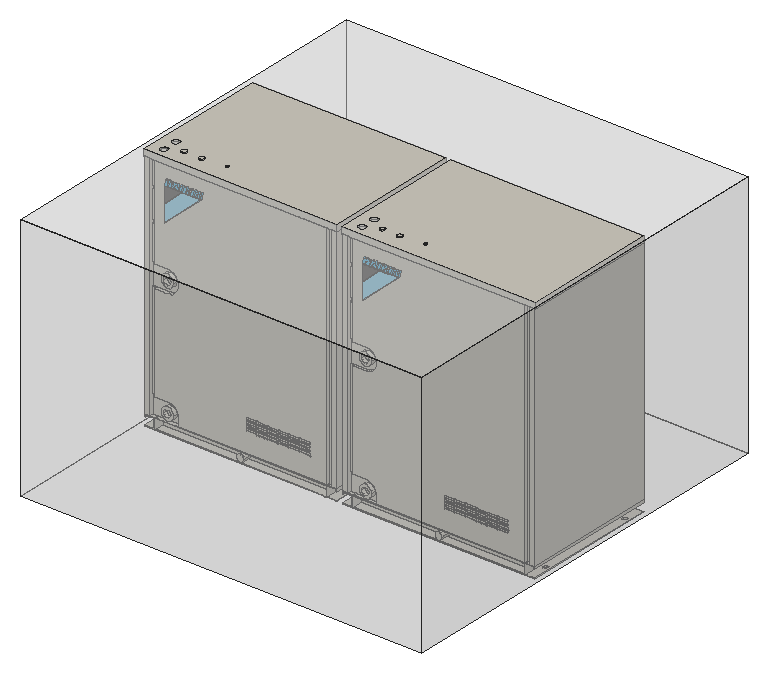
Revit family "outputfile", category 機械設備, Revit 2024
Family settings
  丸型コネクタ寸法 = 半径を使用
  種別 = なし
  パーツ タイプ = 標準
  OmniClass 番号 = 23.75.10.24.21.27.27
  OmniClass タイトル = Split System Air Conditioning Units
  作業面ベース = いいえ
  常に垂直 = はい
  ロード時にボイドで切り取り = いいえ
  注釈の向きを維持 = いいえ
  共有 = いいえ
  部屋計算ポイント = いいえ
Parameters (values of type "RWEYQ14TY1S")
  製造元 = "Daikin"
  書き出し IFC クラス(タイプ) = "IfcUnitaryEquipmentType"
  定義済み IFC タイプ(タイプ) = "AIRCONDITIONINGUNIT"
  モデル = "RWEYQ14TY1S"
  w_unit2 = 780.0 mm
  w_unit1 = 780.0 mm
  switch_unit2_6-8 [instance] = if(Reverse_ModuleSequence, if(default_unit1 = 1, 1 = 1, 1 = 0), if(default_unit2 = 1, 1 = 1, 1 = 0))  # yes
  switch_unit2_12 [instance] = if(Reverse_ModuleSequence, if(default_unit1 = 3, 1 = 1, 1 = 0), if(default_unit2 = 3, 1 = 1, 1 = 0))  # no
  switch_unit2_10 [instance] = if(Reverse_ModuleSequence, if(default_unit1 = 2, 1 = 1, 1 = 0), if(default_unit2 = 2, 1 = 1, 1 = 0))  # no
  switch_unit1_6-8 [instance] = if(Reverse_ModuleSequence, if(default_unit2 = 1, 1 = 1, 1 = 0), if(default_unit1 = 1, 1 = 1, 1 = 0))  # yes
  switch_unit1_12 [instance] = if(Reverse_ModuleSequence, if(default_unit2 = 3, 1 = 1, 1 = 0), if(default_unit1 = 3, 1 = 1, 1 = 0))  # no
  switch_unit1_10 [instance] = if(Reverse_ModuleSequence, if(default_unit2 = 2, 1 = 1, 1 = 0), if(default_unit1 = 2, 1 = 1, 1 = 0))  # no
  rangle_Drain [instance] = if(Rear Connection_Drain, 180.00°, 0.00°)  # 0.00°
  r_Water Outlet Pipe Connection_unit2 [instance] = Water Outlet Pipe Connection_Unit2 / 2  # 15.9 mm
  r_Water Outlet Pipe Connection_unit1 [instance] = Water Outlet Pipe Connection_Unit1 / 2  # 15.9 mm
  r_Water Inlet Pipe Connection_unit2 [instance] = Water Inlet Pipe Connection_Unit2 / 2  # 15.9 mm
  r_Water Inlet Pipe Connection_unit1 [instance] = Water Inlet Pipe Connection_Unit1 / 2  # 15.9 mm
  r_Liquid Pipe Size_unit2 [instance] = Liquid Pipe Size_Unit 2 / 2  # 4.75 mm
  r_HP/LP Gas Pipe Size_unit2 [instance] = [HP/LP Gas Pipe Size_Unit 2] / 2  # 9.55 mm
  r_HP/LP Gas Pipe Size_unit1 [instance] = [HP/LP Gas Pipe Size_Unit 1] / 2  # 9.55 mm
  r_Gas Pipe Size_unit2 [instance] = Gas Pipe Size_Unit 2 / 2  # 9.55 mm
  r_Drain Pipe Size = Drain Pipe Size / 2  # 6.35 mm
  lw_powersupply2 = 51.0 mm
  lw_liquidpipe2 = 274.0 mm
  lw_gaspipe2 [instance] = if(Heat Pump, 107.0 mm, 178.0 mm)  # 107.0 mm
  lw_Water Outlet2 = 95.0 mm
  lw_Water Outlet1 = 95.0 mm
  lw_Water Inlet2 = 95.0 mm
  lw_Water Inlet1 = 95.0 mm
  lw_HP/LP Gas Pipe2 [instance] = if(Heat Pump, 178.0 mm, 107.0 mm)  # 178.0 mm
  lw_HP/LP Gas Pipe1 [instance] = if(Heat Pump, 178.0 mm, 107.0 mm)  # 178.0 mm
  lw_Drain2 = 390.0 mm
  lw_Drain1 = 390.0 mm
  ld_HP/LP Gas Pipe = 69.0 mm
  h_mountinghole = [h_***] + 2.3 mm  # 2.3 mm
  r_Liquid Pipe Size_unit1 [instance] = Liquid Pipe Size_Unit 1 / 2  # 4.75 mm
  r_Gas Pipe Size_unit1 [instance] = Gas Pipe Size_Unit 1 / 2  # 9.55 mm
  distance_unit1-2 [instance] = 20.0 mm
  default_unit2 = 1
  default_unit1 = 1
  default_Water Outlet Pipe Connection_Unit 3 = 31.8 mm
  default_Water Outlet Pipe Connection_Unit 2 = 31.8 mm
  default_Water Outlet Pipe Connection_Unit 1 = 31.8 mm
  default_Water Inlet Pipe Connection_Unit 3 = 31.8 mm
  default_Water Inlet Pipe Connection_Unit 2 = 31.8 mm
  default_Water Inlet Pipe Connection_Unit 1 = 31.8 mm
  default_Model_Unit 2 = "RWEYQ6TY1S"
  default_Model_Unit 1 = "RWEYQ8TY1S"
  default_Liquid Pipe Size_Unit 2 = 9.5 mm
  default_Liquid Pipe Size_Unit 1 = 9.5 mm
  default_HP/LP Gas Pipe Size_Unit 2 [instance] = if(and(Heat Pump, [switch_unit2_6-8]), 19.1 mm, if(and(Heat Pump, switch_unit2_10), 22.2 mm, if(and(Heat Pump, switch_unit2_12), 22.2 mm, if(and(Heat Recovery, [switch_unit2_6-8]), 15.9 mm, if(and(Heat Recovery, switch_unit2_10), 19.1 mm, if(and(Heat Recovery, switch_unit2_12), 19.1 mm, 19.1 mm))))))  # 19.1 mm
  default_HP/LP Gas Pipe Size_Unit 1 [instance] = if(and(Heat Pump, [switch_unit1_6-8]), 19.1 mm, if(and(Heat Pump, switch_unit1_10), 22.2 mm, if(and(Heat Pump, switch_unit1_12), 22.2 mm, if(and(Heat Recovery, [switch_unit1_6-8]), 15.9 mm, if(and(Heat Recovery, switch_unit1_10), 19.1 mm, if(and(Heat Recovery, switch_unit1_12), 19.1 mm, 19.1 mm))))))  # 19.1 mm
  default_Gas Pipe Size_Unit 2 = 19.1 mm
  default_Gas Pipe Size_Unit 1 = 19.1 mm
  Water Outlet Pipe Connection_Unit2 [instance] = if(Reverse_ModuleSequence, default_Water Inlet Pipe Connection_Unit 1, default_Water Inlet Pipe Connection_Unit 2)  # 31.8 mm
  Water Outlet Pipe Connection_Unit1 [instance] = if(Reverse_ModuleSequence, default_Water Outlet Pipe Connection_Unit 2, default_Water Outlet Pipe Connection_Unit 1)  # 31.8 mm
  Water Inlet Pipe Connection_Unit2 [instance] = if(Reverse_ModuleSequence, default_Water Outlet Pipe Connection_Unit 1, default_Water Outlet Pipe Connection_Unit 2)  # 31.8 mm
  Water Inlet Pipe Connection_Unit1 [instance] = if(Reverse_ModuleSequence, default_Water Inlet Pipe Connection_Unit 2, default_Water Inlet Pipe Connection_Unit 1)  # 31.8 mm
  Voltage_comment_50Hz = "380-415"
  Voltage_50Hz = 400 V
  Top Connection_powersupply2 [instance] = not(Top Connection_powersupply1)  # no
  Sound Power Level (dB) = 71
  Reverse_ModuleSequence [instance] = no
  Rear Connection_Drain [instance] = not(Front Connection_Drain)  # no
  Power Input (Heating) = 6.670 kW
  Phase_50Hz = 3
  Nominal Heating Capacity = 43.000 kW
  Model_Unit 2 [instance] = if(Reverse_ModuleSequence, default_Model_Unit 1, default_Model_Unit 2)  # "RWEYQ6TY1S"
  Model_Unit 1 [instance] = if(Reverse_ModuleSequence, default_Model_Unit 2, default_Model_Unit 1)  # "RWEYQ8TY1S"
  Minimum Circuit Amps_50Hz = 27.3 A
  Maximum Fuse Amps_50Hz = 35.0 A
  Material_Heat Exchanger = DAIKIN_Blue_HE_outdoorunit
  Material_Casing = DAIKIN_IvoryWhite_Casing_outdoorunit
  lw_powersupply1 = 51.0 mm
  lw_liquidpipe1 = 274.0 mm
  lw_gaspipe1 [instance] = if(Heat Pump, 107.0 mm, 178.0 mm)  # 107.0 mm
  lh_powersupply = 940.0 mm
  ld_powersupply [instance] = if(Top Connection_powersupply1, 38.0 mm, 98.0 mm)  # 38.0 mm
  ld_liquidpipe = 79.0 mm
  ld_gaspipe = 69.0 mm
  h_*** = 0.0 mm
  Width [instance] = [distance_unit1-2] + w_unit1 + w_unit2  # 1580.0 mm
  Version = "ver.1.0"
  Unit Type = ""
  Unit Mass Weight = 292.00 kg
  Unit Designation [instance] = ""
  Uniclass2015Version = "Products v1.30"
  Uniclass2015Title = "Variable refrigerant flow units"
  Uniclass2015Code = "Pr_70_65_03_94"
  Total Cooling Capacity [instance] = 0.000 kW
  Sound Pressure Level (dBA) = 53
  Series = "VRV Heat Recovery"
  Refrigerant_Base Charge = 7.000 kg
  Refrigerant_Additional Charge [instance] = 0.000 kg
  Refrigerant Type = "R410A"
  Power Input (Cooling) = 6.440 kW
  Option Accessory 3 [instance] = ""
  Option Accessory 2 [instance] = ""
  Option Accessory 1 [instance] = ""
  Nominal Cooling Capacity = 38.400 kW
  Load Classification = HVAC
  Liquid Pipe Size_Unit 2 [instance] = if(Reverse_ModuleSequence, default_Liquid Pipe Size_Unit 1, default_Liquid Pipe Size_Unit 2)  # 9.5 mm
  Liquid Pipe Size_Unit 1 [instance] = if(Reverse_ModuleSequence, default_Liquid Pipe Size_Unit 2, default_Liquid Pipe Size_Unit 1)  # 9.5 mm
  Link_Nested Family [instance] = ""
  IfcVersion = ""
  IfcExportType = "AIRCONDITIONINGUNIT"
  IfcExportAs = "IfcUnitaryEquipmentType"
  Height = 1000.0 mm
  Heat Recovery [instance] = not(Heat Pump)  # no
  Heat Pump [instance] = yes
  Heat Exchanger Type = "Stainless Steel Plate"
  HP/LP Gas Pipe Size_Unit 2 [instance] = [default_HP/LP Gas Pipe Size_Unit 2]  # 19.1 mm
  HP/LP Gas Pipe Size_Unit 1 [instance] = [default_HP/LP Gas Pipe Size_Unit 1]  # 19.1 mm
  Gas Pipe Size_Unit 2 [instance] = if(Reverse_ModuleSequence, default_Gas Pipe Size_Unit 1, default_Gas Pipe Size_Unit 2)  # 19.1 mm
  Gas Pipe Size_Unit 1 [instance] = if(Reverse_ModuleSequence, default_Gas Pipe Size_Unit 2, default_Gas Pipe Size_Unit 1)  # 19.1 mm
  Top Connection_powersupply1 [instance] = yes
  Front Connection_Drain [instance] = yes
  Frequency_50Hz = 50 Hz
  Drain Pipe Size = 12.7 mm
  Depth = 550.0 mm
  既定の高さ = 0.0 mm
  Cooling Ambient Wet Bulb Temperature [instance] = 0.00 °C
  Cooling Ambient Dry Bulb Temperature [instance] = 0.00 °C
  Compressor Type = "Hermetically Sealed Scroll Type"
  Clearance visibility [instance] = yes
  Clearance Top = 0.0 mm
  Clearance Right = 20.0 mm
  Clearance Rear = 500.0 mm
  Clearance Left = 20.0 mm
  Clearance Front = 600.0 mm
  Clearance Bottom = 0.0 mm
  CU Tag No. [instance] = ""
Reference planes
  plane 1 "Center (Front/Back)": y = 0
  plane 2 "h_***": z = 0
  plane 3 "Center (Left/Right)": x = 0
  plane 4 "Back": y = 275
  plane 5 "Front": y = -275
  plane 6 "Left": x = -390
  plane 7 "w_unit1": x = 390
  plane 8 "Top": z = 1000
  plane 9 "Clearance Rear": y = 775
  plane 10 "Clearance Front": y = -875
  plane 11 "Clearance Left": x = -410
  plane 12 "Clearance Right": x = 1210
  plane 13 "Clearance Top": z = 1000
  plane 14 "Clearance Bottom": z = 0
  plane 15 "Bottom": z = 0
  plane 16 "lw_powersupply1": x = -339
  plane 17 "ld_powersupply": y = -237
  plane 18 "lw_liquidpipe1": x = -116
  plane 19 "Rear Connection_refrigetant": y = -196
  plane 20 "lw_gaspipe1": x = -283
  plane 21 "ld_gaspipe": y = -206
  plane 22 "lh_logo": z = 900
  plane 23 "lw_logo": x = 100
  plane 24 "lh_powersupply": z = 940
  plane 25 "lw_HP/LP Gas Pipe1": x = -212
  plane 26 "ld_HP/LP Gas Pipe": y = -206
  plane 27 "l_unit2": x = 410
  plane 28 "Right": x = 1190
  plane 29 "lw_powersupply2": x = 461
  plane 30 "lw_liquidpipe2": x = 684
  plane 31 "lw_gaspipe2": x = 517
  plane 32 "lw_HP/LP Gas Pipe2": x = 588
  plane 33 "lw_Water Inlet1": x = -295
  plane 34 "lw_Water Inlet2": x = 505
  plane 35 "lw_Water Outlet1": x = -295
  plane 36 "lw_Water Outlet2": x = 505
  plane 37 "lw_Drain1": x = 0
  plane 38 "lw_Drain2": x = 800
Dimensions and locks
  equal spacing: plane 4 "Back", plane 1 "Center (Front/Back)", plane 5 "Front"
  "Depth": plane 4 "Back" to plane 5 "Front"
  equal spacing: plane 6 "Left", plane 3 "Center (Left/Right)", plane 7 "w_unit1"
  "w_unit1": plane 6 "Left" to plane 7 "w_unit1"
  "Clearance Rear": plane 9 "Clearance Rear" to plane 4 "Back"
  "Clearance Front": plane 10 "Clearance Front" to plane 5 "Front"
  "Clearance Left": plane 11 "Clearance Left" to plane 6 "Left"
  "Clearance Top": plane 13 "Clearance Top" to plane 8 "Top"
  "h_***": plane 15 "Bottom" to plane 2 "h_***"
  "Height": plane 8 "Top" to plane 15 "Bottom"
  "Clearance Bottom": plane 15 "Bottom" to plane 14 "Clearance Bottom"
  "ld_powersupply": plane 17 "ld_powersupply" to plane 5 "Front"
  "ld_liquidpipe": plane 19 "Rear Connection_refrigetant" to plane 5 "Front"
  "ld_gaspipe": plane 21 "ld_gaspipe" to plane 5 "Front"
  locked: plane 23 "lw_logo" to plane 7 "w_unit1" at 290
  locked: plane 22 "lh_logo" to plane 15 "Bottom" at 900
  "lw_gaspipe1": plane 6 "Left" to plane 20 "lw_gaspipe1"
  "lw_liquidpipe1": plane 6 "Left" to plane 18 "lw_liquidpipe1"
  "lw_powersupply1": plane 6 "Left" to plane 16 "lw_powersupply1"
  "lh_powersupply": plane 24 "lh_powersupply" to plane 15 "Bottom"
  "lw_HP/LP Gas Pipe1": plane 6 "Left" to plane 25 "lw_HP/LP Gas Pipe1"
  "ld_HP/LP Gas Pipe": plane 26 "ld_HP/LP Gas Pipe" to plane 5 "Front"
  "distance_unit1-2": plane 7 "w_unit1" to plane 27 "l_unit2"
  "Clearance Right": plane 28 "Right" to plane 12 "Clearance Right"
  "Width": plane 6 "Left" to plane 28 "Right"
  "lw_powersupply2": plane 27 "l_unit2" to plane 29 "lw_powersupply2"
  "lw_HP/LP Gas Pipe2": plane 27 "l_unit2" to plane 32 "lw_HP/LP Gas Pipe2"
  "lw_gaspipe2": plane 27 "l_unit2" to plane 31 "lw_gaspipe2"
  "lw_liquidpipe2": plane 27 "l_unit2" to plane 30 "lw_liquidpipe2"
  "lw_Water Inlet1": plane 6 "Left" to plane 33 "lw_Water Inlet1"
  "lw_Water Inlet2": plane 27 "l_unit2" to plane 34 "lw_Water Inlet2"
  "lw_Water Outlet1": plane 6 "Left" to plane 35 "lw_Water Outlet1"
  "lw_Water Outlet2": plane 27 "l_unit2" to plane 36 "lw_Water Outlet2"
  "lw_Drain1": plane 6 "Left" to plane 37 "lw_Drain1"
  "lw_Drain2": plane 27 "l_unit2" to plane 38 "lw_Drain2"
  aligned and locked: level to plane 2 "h_***"
  aligned and locked: plane 9 "Clearance Rear" to nested 2
  aligned and locked: nested 2 to plane 10 "Clearance Front"
  aligned and locked: plane 11 "Clearance Left" to nested 2
  aligned and locked: plane 12 "Clearance Right" to nested 2
  aligned and locked: plane 13 "Clearance Top" to nested 2
  aligned and locked: plane 14 "Clearance Bottom" to nested 2
  aligned and locked: plane 8 "Top" to nested 1
  aligned and locked: plane 22 "lh_logo" to nested 7
  aligned and locked: nested 8 to plane 16 "lw_powersupply1"
  aligned and locked: nested 9 to plane 20 "lw_gaspipe1"
  aligned and locked: nested 10 to plane 18 "lw_liquidpipe1"
  aligned and locked: nested 10 to plane 19 "Rear Connection_refrigetant"
  aligned and locked: nested 9 to plane 21 "ld_gaspipe"
  aligned and locked: nested 8 to plane 17 "ld_powersupply"
  aligned and locked: plane 5 "Front" to nested 7
  aligned and locked: plane 24 "lh_powersupply" to nested 8
  aligned and locked: plane 27 "l_unit2" to nested 11
  aligned and locked: nested 17 to plane 29 "lw_powersupply2"
  aligned and locked: nested 17 to plane 17 "ld_powersupply"
  aligned and locked: nested 18 to plane 31 "lw_gaspipe2"
  aligned and locked: nested 18 to plane 26 "ld_HP/LP Gas Pipe"
  aligned and locked: plane 33 "lw_Water Inlet1" to nested 20
  aligned and locked: plane 34 "lw_Water Inlet2" to nested 21
  aligned and locked: plane 35 "lw_Water Outlet1" to nested 22
  aligned and locked: plane 36 "lw_Water Outlet2" to nested 23
  aligned and locked: plane 37 "lw_Drain1" to nested 24
  aligned and locked: plane 38 "lw_Drain2" to nested 25
  aligned and locked: plane 1 "Center (Front/Back)" to nested 20
  aligned and locked: plane 1 "Center (Front/Back)" to nested 21
  aligned and locked: plane 1 "Center (Front/Back)" to nested 22
  aligned and locked: plane 1 "Center (Front/Back)" to nested 23
  aligned and locked: plane 1 "Center (Front/Back)" to nested 24
  aligned and locked: plane 1 "Center (Front/Back)" to nested 25
  aligned and locked: nested 26 to plane 26 "ld_HP/LP Gas Pipe"
  aligned and locked: nested 27 to plane 26 "ld_HP/LP Gas Pipe"
  aligned and locked: plane 32 "lw_HP/LP Gas Pipe2" to nested 27
  aligned and locked: plane 25 "lw_HP/LP Gas Pipe1" to nested 26
Nested families
  nested 1: "DAIKIN_outdoorunit_RWEYQ-TY1S" at (-31, 0, 0), h_*** <- "h_***", Link_Nest <- "Link_Nested Family", h_mountinghole <- "h_mountinghole", Width <- "w_unit1", switch_unit1_6-8 <- "switch_unit1_6-8", switch_unit1_10 <- "switch_unit1_10", switch_unit1_12 <- "switch_unit1_12", type "RWEYQ-TY1S"
    with switch_unit1_6-8 yes, switch_unit1_12 no, switch_unit1_10 no, show_fixedhole yes, h_mountinghole 2.3 mm, h_antenna_mountinghole 998.7 mm, h_*** 0.0 mm, array_bolt 5, Width 780.0 mm, Liquid Pipe Size_Unit 1 9.5 mm, Link_Nest "", HP/LP Pipe Size_Unit 1 19.1 mm, Gas Pipe Size_Unit 1 19.1 mm
  nested 2: "daikin_clearancespace" at (400, -50, 500.119), visible <- "Clearance visibility", show <- "Clearance visibility", Link_Nested Family <- "Link_Nested Family", type "daikin_clearancespace"
    with width 1620.0 mm, show yes, height 1000.0 mm, depth 1650.0 mm, Link_Nested Family ""
  nested 3: "daikin_mountinghole" at (-372, 200, 0), type "daikin_mountinghole"
    with show yes, l_antenna 998.7 mm, h_mountinghole 2.3 mm, Link_Nested Family ""
  nested 4: "daikin_mountinghole" at (372, 200, 0), type "daikin_mountinghole"
    with show yes, l_antenna 998.7 mm, h_mountinghole 2.3 mm, Link_Nested Family ""
  nested 5: "daikin_mountinghole" at (-372, -200, 0), type "daikin_mountinghole"
    with show yes, l_antenna 998.7 mm, h_mountinghole 2.3 mm, Link_Nested Family ""
  nested 6: "daikin_mountinghole" at (372, -200, 0), type "daikin_mountinghole"
    with show yes, l_antenna 998.7 mm, h_mountinghole 2.3 mm, Link_Nested Family ""
  nested 7: "daikin_logo_elevation_w150" at (-212.5, -275, 744.568), type "daikin_logo_elevation_w150"
    with show_logo yes
  nested 8: "daikin_connector_rotate3" at (-339, -237, 940) x (-1, 0, 0) z (0, 0, -1), type "daikin_connector_rotate3"
    with show no, radius 10.0 mm, length 60.0 mm, angle_vertical 0.00°, angle_horizontal 0.00°
  nested 9: "daikin_connector_rotate3" at (-283, -206, 940) x (-1, 0, 0) z (0, 0, -1), radius <- "r_Gas Pipe Size_unit1", type "daikin_connector_rotate3"
    with show no, radius 9.55 mm, length 60.0 mm, angle_vertical 0.00°, angle_horizontal 0.00°
  nested 10: "daikin_connector_rotate3" at (-116, -196, 940) x (-1, 0, 0) z (0, 0, -1), radius <- "r_Liquid Pipe Size_unit1", type "daikin_connector_rotate3"
    with show no, radius 4.75 mm, length 60.0 mm, angle_vertical 0.00°, angle_horizontal 0.00°
  nested 11: "DAIKIN_outdoorunit_RWEYQ-TY1S" at (769, 0, 0), Width <- "w_unit2", switch_unit1_6-8 <- "switch_unit2_6-8", switch_unit1_10 <- "switch_unit2_10", switch_unit1_12 <- "switch_unit2_12", type "RWEYQ-TY1S"
    with switch_unit1_6-8 yes, switch_unit1_12 no, switch_unit1_10 no, show_fixedhole yes, h_mountinghole 2.3 mm, h_antenna_mountinghole 998.7 mm, h_*** 0.0 mm, array_bolt 5, Width 780.0 mm, Liquid Pipe Size_Unit 1 9.5 mm, Link_Nest "", HP/LP Pipe Size_Unit 1 19.1 mm, Gas Pipe Size_Unit 1 19.1 mm
  nested 12: "daikin_mountinghole" at (428, 200, 0), type "daikin_mountinghole"
    with show yes, l_antenna 998.7 mm, h_mountinghole 2.3 mm, Link_Nested Family ""
  nested 13: "daikin_mountinghole" at (1172, 200, 0), type "daikin_mountinghole"
    with show yes, l_antenna 998.7 mm, h_mountinghole 2.3 mm, Link_Nested Family ""
  nested 14: "daikin_mountinghole" at (428, -200, 0), type "daikin_mountinghole"
    with show yes, l_antenna 998.7 mm, h_mountinghole 2.3 mm, Link_Nested Family ""
  nested 15: "daikin_mountinghole" at (1172, -200, 0), type "daikin_mountinghole"
    with show yes, l_antenna 998.7 mm, h_mountinghole 2.3 mm, Link_Nested Family ""
  nested 16: "daikin_connector_rotate3" at (684, -196, 940) x (-1, 0, 0) z (0, 0, -1), radius <- "r_Liquid Pipe Size_unit2", type "daikin_connector_rotate3"
    with show no, radius 4.75 mm, length 60.0 mm, angle_vertical 0.00°, angle_horizontal 0.00°
  nested 17: "daikin_connector_rotate3" at (461, -237, 940) x (-1, 0, 0) z (0, 0, -1), type "daikin_connector_rotate3"
    with show no, radius 10.0 mm, length 60.0 mm, angle_vertical 0.00°, angle_horizontal 0.00°
  nested 18: "daikin_connector_rotate3" at (517, -206, 940) x (-1, 0, 0) z (0, 0, -1), radius <- "r_Gas Pipe Size_unit2", type "daikin_connector_rotate3"
    with show no, radius 9.55 mm, length 60.0 mm, angle_vertical 0.00°, angle_horizontal 0.00°
  nested 19: "daikin_logo_elevation_w150" at (587.5, -275, 744.568), type "daikin_logo_elevation_w150"
    with show_logo yes
  nested 20: "daikin_connector_rotate3" at (-295, 0, 76), radius <- "r_Water Inlet Pipe Connection_unit1", type "daikin_connector_rotate3"
    with show no, radius 15.9 mm, length 275.0 mm, angle_vertical 90.00°, angle_horizontal 0.00°
  nested 21: "daikin_connector_rotate3" at (505, 0, 76), radius <- "r_Water Inlet Pipe Connection_unit2", type "daikin_connector_rotate3"
    with show no, radius 15.9 mm, length 275.0 mm, angle_vertical 90.00°, angle_horizontal 0.00°
  nested 22: "daikin_connector_rotate3" at (-295, 0, 556), radius <- "r_Water Outlet Pipe Connection_unit1", type "daikin_connector_rotate3"
    with show no, radius 15.9 mm, length 275.0 mm, angle_vertical 90.00°, angle_horizontal 0.00°
  nested 23: "daikin_connector_rotate3" at (505, 0, 556), radius <- "r_Water Outlet Pipe Connection_unit2", type "daikin_connector_rotate3"
    with show no, radius 15.9 mm, length 275.0 mm, angle_vertical 90.00°, angle_horizontal 0.00°
  nested 24: "daikin_connector_rotate3" at (0, 0, 19), angle_horizontal <- "rangle_Drain", radius <- "r_Drain Pipe Size", type "daikin_connector_rotate3"
    with show no, radius 6.35 mm, length 275.0 mm, angle_vertical 90.00°, angle_horizontal 0.00°
  nested 25: "daikin_connector_rotate3" at (800, 0, 19), angle_horizontal <- "rangle_Drain", radius <- "r_Drain Pipe Size", type "daikin_connector_rotate3"
    with show no, radius 6.35 mm, length 275.0 mm, angle_vertical 90.00°, angle_horizontal 0.00°
  nested 26: "daikin_connector_rotate3" at (-212, -206, 940) x (1, 0, 0) z (0, 0, -1), radius <- "r_HP/LP Gas Pipe Size_unit1", type "daikin_connector_rotate3"
    with show no, radius 9.55 mm, length 60.0 mm, angle_vertical 0.00°, angle_horizontal 0.00°
  nested 27: "daikin_connector_rotate3" at (588, -206, 940) x (1, 0, 0) z (0, 0, -1), radius <- "r_HP/LP Gas Pipe Size_unit2", type "daikin_connector_rotate3"
    with show no, radius 9.55 mm, length 60.0 mm, angle_vertical 0.00°, angle_horizontal 0.00°
Connectors
  piping at (-116, -196, 1000), diameter 9.5, driven by "r_Liquid Pipe Size_unit1"
    settings: on nested 10, index 12, connector inside diameter 609.6 mm, connector length 0.0 mm, flow factor 0, pipe flow 0.00 m³/h, pressure drop 0.0 Pa, fitting loss kfactor 0, connector angle 0.00°, fixture units 0, engagement length 0.0 mm, angle of deflection 0.00°, flow configuration 0, flow direction 2, fitting loss method 0, system type 29, joint type 0, gender type 0, connector reference index -1, connector utility 0, adjustable connector no, is connector primary no, connector description "Refrigerant Liquid Piping1"
  electrical at (-339, -237, 1000), driven by "Load Classification"
    settings: on nested 8, index 13, voltage 0 V, apparent load 0 VA, apparent load phase1 0 VA, apparent load phase2 0 VA, apparent load phase3 0 VA, power factor 1, load classification "HVAC", number of poles 1, system type 30, power factor state 1, is connector primary yes, connector utility no, sub classification motor no, connector description "Power Supply1"
  piping at (684, -196, 1000), diameter 9.5, driven by "r_Liquid Pipe Size_unit2"
    settings: on nested 16, index 15, connector inside diameter 609.6 mm, connector length 0.0 mm, flow factor 0, pipe flow 0.00 m³/h, pressure drop 0.0 Pa, fitting loss kfactor 0, connector angle 0.00°, fixture units 0, engagement length 0.0 mm, angle of deflection 0.00°, flow configuration 0, flow direction 2, fitting loss method 0, system type 29, joint type 0, gender type 0, connector reference index -1, connector utility 0, adjustable connector no, is connector primary no, connector description "Refrigerant Liquid Piping2"
  electrical at (461, -237, 1000), driven by "Load Classification"
    settings: on nested 17, index 17, voltage 0 V, apparent load 0 VA, apparent load phase1 0 VA, apparent load phase2 0 VA, apparent load phase3 0 VA, power factor 1, load classification "HVAC", number of poles 1, system type 30, power factor state 1, is connector primary no, connector utility no, sub classification motor no, connector description "Power Supply2"
  piping at (-295, -275, 556), diameter 31.8, driven by "r_Water Outlet Pipe Connection_unit1"
    settings: on nested 22, index 19, connector inside diameter 609.6 mm, connector length 0.0 mm, flow factor 0, pipe flow 0.00 m³/h, pressure drop 0.0 Pa, fitting loss kfactor 0, connector angle 0.00°, fixture units 0, engagement length 0.0 mm, angle of deflection 0.00°, flow configuration 1, flow direction 2, fitting loss method 0, system type 8, joint type 0, gender type 0, connector reference index -1, connector utility 0, adjustable connector no, is connector primary no, connector description "Cooling Water Outlet Piping 1"
  piping at (-295, -275, 76), diameter 31.8, driven by "r_Water Inlet Pipe Connection_unit1"
    settings: on nested 20, index 20, connector inside diameter 609.6 mm, connector length 0.0 mm, flow factor 0, pipe flow 0.00 m³/h, pressure drop 0.0 Pa, fitting loss kfactor 0, connector angle 0.00°, fixture units 0, engagement length 0.0 mm, angle of deflection 0.00°, flow configuration 1, flow direction 1, fitting loss method 0, system type 7, joint type 0, gender type 0, connector reference index -1, connector utility 0, adjustable connector no, is connector primary no, connector description "Cooling Water Inlet  Piping 1"
  piping at (0, -275, 19), diameter 12.7, driven by "r_Drain Pipe Size"
    settings: on nested 24, index 21, connector inside diameter 609.6 mm, connector length 0.0 mm, flow factor 0, pipe flow 0.00 m³/h, pressure drop 0.0 Pa, fitting loss kfactor 0, connector angle 0.00°, fixture units 0, engagement length 0.0 mm, angle of deflection 0.00°, flow configuration 1, flow direction 2, fitting loss method 4, system type 16, joint type 0, gender type 0, connector reference index -1, connector utility 0, adjustable connector no, is connector primary no, connector description "Condensate Drain Piping 1"
  piping at (505, -275, 556), diameter 31.8, driven by "r_Water Outlet Pipe Connection_unit2"
    settings: on nested 23, index 22, connector inside diameter 609.6 mm, connector length 0.0 mm, flow factor 0, pipe flow 0.00 m³/h, pressure drop 0.0 Pa, fitting loss kfactor 0, connector angle 0.00°, fixture units 0, engagement length 0.0 mm, angle of deflection 0.00°, flow configuration 1, flow direction 2, fitting loss method 0, system type 8, joint type 0, gender type 0, connector reference index -1, connector utility 0, adjustable connector no, is connector primary no, connector description "Cooling Water Outlet Piping 2"
  piping at (505, -275, 76), diameter 31.8, driven by "r_Water Inlet Pipe Connection_unit2"
    settings: on nested 21, index 23, connector inside diameter 609.6 mm, connector length 0.0 mm, flow factor 0, pipe flow 0.00 m³/h, pressure drop 0.0 Pa, fitting loss kfactor 0, connector angle 0.00°, fixture units 0, engagement length 0.0 mm, angle of deflection 0.00°, flow configuration 1, flow direction 1, fitting loss method 0, system type 7, joint type 0, gender type 0, connector reference index -1, connector utility 0, adjustable connector no, is connector primary no, connector description "Cooling Water Inlet  Piping 2"
  piping at (800, -275, 19), diameter 12.7, driven by "r_Drain Pipe Size"
    settings: on nested 25, index 24, connector inside diameter 609.6 mm, connector length 0.0 mm, flow factor 0, pipe flow 0.00 m³/h, pressure drop 0.0 Pa, fitting loss kfactor 0, connector angle 0.00°, fixture units 0, engagement length 0.0 mm, angle of deflection 0.00°, flow configuration 1, flow direction 2, fitting loss method 4, system type 16, joint type 0, gender type 0, connector reference index -1, connector utility 0, adjustable connector no, is connector primary no, connector description "Condensate Drain Piping 2"
  piping at (-212, -206, 1000), diameter 19.1, driven by "r_HP/LP Gas Pipe Size_unit1"
    settings: on nested 26, index 27, connector inside diameter 609.6 mm, connector length 0.0 mm, flow factor 0, pipe flow 0.00 m³/h, pressure drop 0.0 Pa, fitting loss kfactor 0, connector angle 0.00°, fixture units 0, engagement length 0.0 mm, angle of deflection 0.00°, flow configuration 0, flow direction 0, fitting loss method 0, system type 29, joint type 0, gender type 0, connector reference index -1, connector utility 0, adjustable connector no, is connector primary no, connector description "Refrigerant HP/LP Gas Piping1"
  piping at (588, -206, 1000), diameter 19.1, driven by "r_HP/LP Gas Pipe Size_unit2"
    settings: on nested 27, index 28, connector inside diameter 609.6 mm, connector length 0.0 mm, flow factor 0, pipe flow 0.00 m³/h, pressure drop 0.0 Pa, fitting loss kfactor 0, connector angle 0.00°, fixture units 0, engagement length 0.0 mm, angle of deflection 0.00°, flow configuration 0, flow direction 0, fitting loss method 0, system type 29, joint type 0, gender type 0, connector reference index -1, connector utility 0, adjustable connector no, is connector primary no, connector description "Refrigerant HP/LP Gas Piping2"
  piping at (-283, -206, 1000), diameter 19.1, driven by "r_Gas Pipe Size_unit1"
    settings: on nested 9, index 29, connector inside diameter 609.6 mm, connector length 0.0 mm, flow factor 0, pipe flow 0.00 m³/h, pressure drop 0.0 Pa, fitting loss kfactor 0, connector angle 0.00°, fixture units 0, engagement length 0.0 mm, angle of deflection 0.00°, flow configuration 0, flow direction 1, fitting loss method 0, system type 29, joint type 0, gender type 0, connector reference index -1, connector utility 0, adjustable connector no, is connector primary yes, connector description "Refrigerant Gas Piping1"
  piping at (517, -206, 1000), diameter 19.1, driven by "r_Gas Pipe Size_unit2"
    settings: on nested 18, index 30, connector inside diameter 609.6 mm, connector length 0.0 mm, flow factor 0, pipe flow 0.00 m³/h, pressure drop 0.0 Pa, fitting loss kfactor 0, connector angle 0.00°, fixture units 0, engagement length 0.0 mm, angle of deflection 0.00°, flow configuration 0, flow direction 1, fitting loss method 0, system type 29, joint type 0, gender type 0, connector reference index -1, connector utility 0, adjustable connector no, is connector primary no, connector description "Refrigerant Gas Piping2"
Definition of nested family "DAIKIN_outdoorunit_RWEYQ-TY1S"
  Parameters (values of type "RWEYQ-TY1S")
    w_wiremesh_right = 668.0 mm  # constant formula
    w_wiremesh_left = 590.0 mm  # constant formula
    w_wiremesh_front = 248.0 mm  # constant formula
    switch_unit1_6-8 [instance] = no
    switch_unit1_12 [instance] = yes
    switch_unit1_10 [instance] = no
    show_fixedhole [instance] = yes
    material_heatexchanger = none
    material_casing = none
    ld_hole1_bottom = 154.0 mm  # constant formula
    h_wiremesh = 900.0 mm  # constant formula
    h_mountinghole [instance] = 2.3 mm
    h_antenna_mountinghole [instance] = Height + 1.0 mm - 2.3 mm  # 998.7 mm
    h_*** [instance] = 0.0 mm
    array_bolt [instance] = 5
    Width [instance] = 780.0 mm
    Liquid Pipe Size_Unit 1 [instance] = if([switch_unit1_6-8], 9.5 mm, if(switch_unit1_10, 9.5 mm, if(switch_unit1_12, 12.7 mm, 9.5 mm)))  # 12.7 mm
    Link_Nest [instance] = ""
    Height = 1000.0 mm
    Heat Recovery = not(Heat Pump)  # no
    Heat Pump = yes
    HP/LP Pipe Size_Unit 1_L = if(Heat Pump, 178.0 mm, 107.0 mm)  # 178.0 mm
    HP/LP Pipe Size_Unit 1 [instance] = if(Heat Recovery, if([switch_unit1_6-8], 15.9 mm, if(switch_unit1_10, 19.1 mm, if(switch_unit1_12, 19.1 mm, 15.9 mm))), if([switch_unit1_6-8], 19.1 mm, if(switch_unit1_10, 22.2 mm, if(switch_unit1_12, 22.2 mm, 19.1 mm))))  # 22.2 mm
    Gas Pipe Size_Unit 1_L = if(Heat Pump, 107.0 mm, 178.0 mm)  # 107.0 mm
    Gas Pipe Size_Unit 1_H = 60.0 mm  # constant formula
    Gas Pipe Size_Unit 1 [instance] = if([switch_unit1_6-8], 19.1 mm, if(switch_unit1_10, 22.2 mm, if(switch_unit1_12, 22.2 mm, 19.1 mm)))  # 22.2 mm
    Depth = 550.0 mm
    Default Elevation = 0.0 mm
  Reference planes
    plane 1 "Center (Front/Back)": y = 0
    plane 2 "reference_level": z = 0
    plane 3 "Center (Left/Right)": x = 31
    plane 4 "Bottom": z = 0
    plane 5: x = 421
    plane 6: x = -359
    plane 7 "Back": y = 275
    plane 8 "Front": y = -275
    plane 9: z = 1000
    plane 10: z = 976
    plane 11: y = -255
    plane 12: y = 255
    plane 13: x = -337
    plane 14: x = 399
    plane 15: x = -341
    plane 16: z = 45
    plane 17: x = 403
    plane 18: y = 200
    plane 19: y = -200
    plane 20: z = 1060
    plane 21: z = 19
    plane 22: z = 1000
    plane 23: z = 940
  Forms (mm)
    Extrusion 1, solid, material <- "material_heatexchanger"
      sketch origin (0, 0, 0) x (1, 0, 0) y (0, 1, 0)
        loop
          line (-337, 255) -> (-337, -255) -> (399, -255) -> (399, 255) -> (-337, 255)
      from 54 to 976
    Extrusion 2, void
      sketch origin (0, 350, 0) x (1, 0, 0) y (0, 1, 0)
        loop
          circle (-341, -150) r 8.5
        loop
          circle (403, -150) r 8.5
        loop
          circle (403, -550) r 8.5
        loop
          circle (-341, -550) r 8.5
      from 0 to 29.064
    Extrusion 3, solid, material <- "material_casing"
      sketch origin (620, -305, 0) x (-1, 0, 0) y (0, 0, 1)
        loop
          line (204.3, 35.061) -> (204.3, 42.7) -> (239.7, 42.7) -> (239.7, 2.3) -> (201, 2.3) -> (201, 0) -> (242, 0) -> (242, 45) -> (201, 45) -> (201, 35.061) -> (204.3, 35.061)
        loop
          line (973.7, 35.061) -> (977, 35.061) -> (977, 45) -> (936, 45) -> (936, 0) -> (977, 0) -> (977, 2.3) -> (938.3, 2.3) -> (938.3, 42.7) -> (973.7, 42.7) -> (973.7, 35.061)
      from 30 to 580
    Extrusion 4, solid, material <- "material_casing"
      sketch origin (31, 0, 0) x (0, 1, 0) y (0, 0, 1)
        loop
          line (-275, 45) -> (-275, 42.7) -> (-236.3, 42.7) -> (-236.3, 2.3) -> (-275, 2.3) -> (-275, 0) -> (-234, 0) -> (-234, 45) -> (-275, 45)
        loop
          line (275, 45) -> (234, 45) -> (234, 0) -> (275, 0) -> (275, 2.3) -> (236.3, 2.3) -> (236.3, 42.7) -> (275, 42.7) -> (275, 45)
      from -347 to 347
    Extrusion 5, solid, material <- "material_casing"
      sketch origin (0, 0, 0) x (1, 0, 0) y (0, 1, 0)
        loop
          circle (-85, -196) r 6.35
        loop
          circle (-181, -206) r 11.1
      from 940 to 1000
    Extrusion 6, solid, material <- "material_casing"
      sketch origin (-663.497, -190, 1200) x (-1, 0, 0) y (0, 0, 1)
        loop
          circle (-694.497, -1181) r 14
      from -85 to -46.3
    Extrusion 7, solid, material <- "material_casing"
      sketch origin (-663.497, 321.3, 1200) x (-1, 0, 0) y (0, 0, 1)
        loop
          circle (-694.497, -1181) r 14
      from -85 to -46.3
    Extrusion 8, solid, material <- "material_casing"
      sketch origin (0, -500, 0) x (1, 0, 0) y (0, 1, 0)
        loop
          circle (-252, 294) r 11.1
      from 940 to 1000
  Cuts and joins
    Extrusion 2 cuts Extrusion 3
  Dimensions and locks
    equal spacing: plane 6, plane 3 "Center (Left/Right)", plane 5
    "Width": plane 6 to plane 5
    locked: plane 9 to plane 10 at 24
    "Depth": plane 8 "Front" to plane 7 "Back"
    equal spacing: plane 7 "Back", plane 1 "Center (Front/Back)", plane 8 "Front"
    locked: plane 12 to plane 7 "Back" at 20
    locked: plane 11 to plane 8 "Front" at 20
    locked: plane 6 to plane 13 at 22
    locked: plane 14 to plane 5 at 22
    locked: plane 6 to plane 15 at 18
    "h_***": plane 4 "Bottom" to plane 2 "reference_level"
    locked: plane 16 to plane 4 "Bottom" at 45
    "Height": plane 9 to plane 4 "Bottom"
    locked: plane 5 to Extrusion 3 sketch curve at 2  (x2)
    locked: Extrusion 3 sketch curve to Extrusion 3 sketch curve at 41  (x2)
    locked: Extrusion 3 sketch curve to Extrusion 3 sketch curve at 3.3  (x2)
    locked: Extrusion 3 sketch curve to plane 6 at 2  (x2)
    locked: plane 8 "Front" to Extrusion 4 sketch curve at 41
    locked: Extrusion 4 sketch curve to plane 7 "Back" at 41
    locked: plane 17 to plane 5 at 18
    plane 19 to plane 8 "Front" = 75.0 mm
    locked: plane 18 to plane 7 "Back" at 75
    locked: Extrusion 5 sketch curve to plane 8 "Front" at 79
    locked: plane 6 to Extrusion 5 sketch curve at 274
    "HP/LP Pipe Size_Unit 1_L": plane 6 to Extrusion 5 sketch curve
    locked: Extrusion 5 sketch curve to plane 8 "Front" at 69
    locked: plane 20 to plane 9 at 60
    plane 21 to plane 4 "Bottom" = 19.0 mm
    locked: Extrusion 8 sketch curve to plane 8 "Front" at 69
    "Gas Pipe Size_Unit 1_L": plane 6 to Extrusion 8 sketch curve
    "Gas Pipe Size_Unit 1_H": plane 20 to plane 22
    locked: plane 22 to plane 23 at 60
    "HP/LP Pipe Size_Unit 1": diameter of Extrusion 5 sketch curve
    "Liquid Pipe Size_Unit 1": diameter of Extrusion 5 sketch curve
    "Gas Pipe Size_Unit 1": diameter of Extrusion 8 sketch curve
    aligned and locked: level to plane 2 "reference_level"
    aligned and locked: plane 12 to Extrusion 1 sketch curve
    aligned and locked: plane 11 to Extrusion 1 sketch curve
    aligned and locked: plane 13 to Extrusion 1 sketch curve
    aligned and locked: plane 14 to Extrusion 1 sketch curve
    aligned and locked: plane 10 to Extrusion 1
    aligned and locked: plane 11 to nested 1
    aligned and locked: plane 10 to nested 4
    aligned and locked: nested 5 to plane 9
    aligned and locked: plane 10 to nested 3
    aligned and locked: plane 10 to nested 2
    aligned and locked: plane 13 to nested 4
    aligned and locked: plane 14 to nested 2
    aligned and locked: plane 12 to nested 3
    aligned and locked: plane 15 to nested 7
    aligned and locked: plane 15 to nested 9
    aligned and locked: plane 8 "Front" to nested 5
    aligned and locked: plane 6 to nested 5
    aligned and locked: plane 10 to nested 1
    aligned and locked: plane 13 to nested 1
    aligned and locked: nested 2 to plane 1 "Center (Front/Back)"
    aligned and locked: nested 3 to plane 3 "Center (Left/Right)"
    aligned and locked: plane 1 "Center (Front/Back)" to nested 4
    aligned and locked: nested 6 to plane 3 "Center (Left/Right)"
    aligned and locked: plane 1 "Center (Front/Back)" to nested 6
    aligned and locked: plane 16 to Extrusion 3 sketch curve
    aligned and locked: Extrusion 3 sketch curve to plane 4 "Bottom"
    aligned and locked: Extrusion 3 sketch curve to plane 16
    aligned and locked: plane 4 "Bottom" to Extrusion 3 sketch curve
    aligned and locked: Extrusion 3 to plane 7 "Back"
    aligned and locked: Extrusion 3 to plane 8 "Front"
    aligned and locked: plane 8 "Front" to Extrusion 4 sketch curve  (x2)
    aligned and locked: plane 4 "Bottom" to Extrusion 4 sketch curve
    aligned and locked: Extrusion 4 sketch curve to plane 16
    aligned and locked: Extrusion 4 sketch curve to plane 7 "Back"  (x2)
    aligned and locked: plane 18 to Extrusion 2 sketch curve  (x2)
    aligned and locked: plane 15 to Extrusion 2 sketch curve  (x2)
    aligned and locked: plane 17 to Extrusion 2 sketch curve  (x2)
    aligned and locked: plane 17 to nested 8
    aligned and locked: plane 18 to nested 8
    aligned and locked: plane 18 to nested 7
    aligned and locked: nested 7 to plane 15
    aligned and locked: nested 9 to plane 19
    aligned and locked: nested 9 to plane 15
    aligned and locked: nested 10 to plane 19
    aligned and locked: plane 17 to nested 10
    aligned and locked: plane 19 to Extrusion 2 sketch curve  (x2)
    aligned and locked: plane 21 to Extrusion 6 sketch curve
    aligned and locked: plane 3 "Center (Left/Right)" to Extrusion 6 sketch curve
    aligned and locked: plane 22 to Extrusion 8
    aligned and locked: Extrusion 8 to plane 23
    aligned and locked: Extrusion 5 to plane 23
    aligned and locked: Extrusion 5 to plane 22
  Automatic sketch dimensions
    Extrusion 3 sketch curve to Extrusion 3 sketch curve = 2.3 mm  (x2)
    level to Extrusion 3 sketch curve = 2.3 mm  (x2)
    Extrusion 3 sketch curve to plane 16 = 9.939 mm  (x2)
    Extrusion 3 sketch curve to plane 16 = 2.3 mm  (x2)
    Extrusion 4 sketch curve to level = 0.0 mm
    Extrusion 4 sketch curve to plane 16 = 0.0 mm
    Extrusion 4 sketch curve to Extrusion 4 sketch curve = 2.3 mm  (x2)
    level to Extrusion 4 sketch curve = 2.3 mm  (x2)
    Extrusion 4 sketch curve to plane 16 = 2.3 mm  (x2)
    Extrusion 7 sketch curve to plane 3 "Center (Left/Right)" = 0.0 mm
    Extrusion 7 sketch curve to plane 21 = 0.0 mm
    radius of Extrusion 2 sketch curve = 8.5 mm  (x4)
    radius of Extrusion 6 sketch curve = 14.0 mm
    radius of Extrusion 7 sketch curve = 14.0 mm
  Nested families
    nested 1: "outdoorunit_frontpanel" at (-337, -265, 45), material <- "material_casing", type "frontpanel1"
      with material none
    nested 2: "outdoorunit_rightpanel1" at (409, -275, 45) x (0, 1, 0) z (0, 0, 1), material <- "material_casing", type "frontpanel1"
      with material none
    nested 3: "outdoorunit_backpanel" at (399, 265, 45) x (-1, 0, 0) z (0, 0, 1), material <- "material_casing", type "frontpanel1"
      with material none
    nested 4: "outdoorunit_leftpanel" at (-347, 275, 45) x (0, -1, 0) z (0, 0, 1), material <- "material_casing", type "frontpanel1"
      with material none
    nested 5: "outdoorunit_uppanel" at (-359, -275, 988) x (1, 0, 0) z (0, 1, 0), material <- "material_casing", type "frontpanel1"
      with material none
    nested 6: "outdoorunit_downpanel" at (399, 255, 56) x (-1, 0, 0) z (0, -1, 0), material <- "material_casing", type "frontpanel1"
      with material none
    nested 7: "daikin_mountinghole" at (-341, 200, 0), visible <- "show_fixedhole", Link_Nested Family <- "Link_Nest", l_antenna <- "h_antenna_mountinghole", h_mountinghole <- "h_mountinghole", type "daikin_mountinghole"
      with show yes, l_antenna 998.7 mm, h_mountinghole 2.3 mm, Link_Nested Family ""
    nested 8: "daikin_mountinghole" at (403, 200, 0), visible <- "show_fixedhole", Link_Nested Family <- "Link_Nest", l_antenna <- "h_antenna_mountinghole", h_mountinghole <- "h_mountinghole", type "daikin_mountinghole"
      with show yes, l_antenna 998.7 mm, h_mountinghole 2.3 mm, Link_Nested Family ""
    nested 9: "daikin_mountinghole" at (-341, -200, 0), visible <- "show_fixedhole", Link_Nested Family <- "Link_Nest", l_antenna <- "h_antenna_mountinghole", h_mountinghole <- "h_mountinghole", type "daikin_mountinghole"
      with show yes, l_antenna 998.7 mm, h_mountinghole 2.3 mm, Link_Nested Family ""
    nested 10: "daikin_mountinghole" at (403, -200, 0), visible <- "show_fixedhole", Link_Nested Family <- "Link_Nest", l_antenna <- "h_antenna_mountinghole", h_mountinghole <- "h_mountinghole", type "daikin_mountinghole"
      with show yes, l_antenna 998.7 mm, h_mountinghole 2.3 mm, Link_Nested Family ""
  Definition of nested family "outdoorunit_frontpanel"
    Parameters (values of type "frontpanel1")
      width = 736.0 mm
      material [instance] = none
      height1 = 931.0 mm
      depth = 20.0 mm
      Default Elevation = 0.0 mm
    Reference planes
      plane 1 "Center (Front/Back)": y = 0
      plane 2 "Bottom": z = 0
      plane 3: x = 0
      plane 4 "Back": y = 10
      plane 5 "Front": y = -10
      plane 6: x = 736
      plane 7 "Top": z = 931
      plane 8 "Left": x = 0
      plane 9 "Center L/S": y = 5
      plane 10 "Center L/T": y = -5
    Forms (mm)
      Extrusion 1, solid, material <- "material"
        sketch origin (0, 0, 0) x (1, 0, 0) y (0, 1, 0)
          loop
            line (0, 10) -> (0, -10) -> (736, -10) -> (736, 10) -> (0, 10)
        from 0 to 931
      Extrusion 2, void
        sketch origin (0, 0, 0) x (1, 0, 0) y (0, 0, 1)
          loop
            line (0, 931) -> (0, 0) -> (21, 0) -> (21, 931) -> (0, 931)
          loop
            line (736, 931) -> (715, 931) -> (715, 0) -> (736, 0) -> (736, 931)
        from 0 to 250
      Extrusion 3, void
        sketch origin (0, 0, 0) x (1, 0, 0) y (0, 0, 1)
          loop
            line (2, 931) -> (-33, 931) -> (-33, -14) -> (118, -14) -> (118, 31)
            arc (118, 31) -> (104.82, 62.82) -> (73, 76) r 45
            line (73, 76) -> (2, 76) -> (2, 466) -> (73, 466)
            arc (73, 466) -> (118, 511) -> (73, 556) r 45
            line (73, 556) -> (2, 556) -> (2, 692) -> (10.5, 692)
            arc (10.5, 692) -> (18, 699.5) -> (10.5, 707) r 7.5
            line (10.5, 707) -> (2, 707) -> (2, 817) -> (10.5, 817)
            arc (10.5, 817) -> (18, 824.5) -> (10.5, 832) r 7.5
            line (10.5, 832) -> (2, 832) -> (2, 931)
        from -5 to 250
      Extrusion 4, void
        sketch origin (0, 0, 0) x (1, 0, 0) y (0, 0, 1)
          loop
            line (734, 931) -> (734, 0) -> (972.161, 0) -> (972.161, 931) -> (734, 931)
        from -5 to 250
      Extrusion 5, solid, material <- "material"
        sketch origin (0, 0, 0) x (1, 0, 0) y (0, 0, 1)
          loop
            circle (73, 511) r 25
          loop
            circle (73, 511) r 15.5
          loop
            circle (73, 31) r 25
          loop
            circle (73, 31) r 15.5
        from -5 to 10
      Extrusion 6, void
        sketch origin (0, 0, 0) x (1, 0, 0) y (0, 0, 1)
          loop
            line (390.8, 131) -> (390.8, 118.75) -> (433.5, 118.75) -> (433.5, 131) -> (390.8, 131)
          loop
            line (390.8, 80) -> (433.5, 80) -> (433.5, 92.25) -> (390.8, 92.25) -> (390.8, 80)
          loop
            line (390.8, 117.75) -> (390.8, 106) -> (433.5, 106) -> (433.5, 117.75) -> (390.8, 117.75)
          loop
            line (390.8, 105) -> (390.8, 93.25) -> (433.5, 93.25) -> (433.5, 105) -> (390.8, 105)
          loop
            line (476.7, 131) -> (434.5, 131) -> (434.5, 118.75) -> (476.7, 118.75) -> (476.7, 131)
          loop
            line (434.5, 80) -> (476.7, 80) -> (476.7, 92.25) -> (434.5, 92.25) -> (434.5, 80)
          loop
            line (434.5, 117.75) -> (434.5, 106) -> (476.7, 106) -> (476.7, 117.75) -> (434.5, 117.75)
          loop
            line (434.5, 105) -> (434.5, 93.25) -> (476.7, 93.25) -> (476.7, 105) -> (434.5, 105)
          loop
            line (519.9, 131) -> (477.7, 131) -> (477.7, 118.75) -> (519.9, 118.75) -> (519.9, 131)
          loop
            line (477.7, 80) -> (519.9, 80) -> (519.9, 92.25) -> (477.7, 92.25) -> (477.7, 80)
          loop
            line (477.7, 117.75) -> (477.7, 106) -> (519.9, 106) -> (519.9, 117.75) -> (477.7, 117.75)
          loop
            line (477.7, 105) -> (477.7, 93.25) -> (519.9, 93.25) -> (519.9, 105) -> (477.7, 105)
          loop
            line (563.1, 131) -> (520.9, 131) -> (520.9, 118.75) -> (563.1, 118.75) -> (563.1, 131)
          loop
            line (520.9, 80) -> (563.1, 80) -> (563.1, 92.25) -> (520.9, 92.25) -> (520.9, 80)
          loop
            line (520.9, 117.75) -> (520.9, 106) -> (563.1, 106) -> (563.1, 117.75) -> (520.9, 117.75)
          loop
            line (520.9, 105) -> (520.9, 93.25) -> (563.1, 93.25) -> (563.1, 105) -> (520.9, 105)
          loop
            line (606.3, 131) -> (564.1, 131) -> (564.1, 118.75) -> (606.3, 118.75) -> (606.3, 131)
          loop
            line (564.1, 80) -> (606.3, 80) -> (606.3, 92.25) -> (564.1, 92.25) -> (564.1, 80)
          loop
            line (564.1, 117.75) -> (564.1, 106) -> (606.3, 106) -> (606.3, 117.75) -> (564.1, 117.75)
          loop
            line (564.1, 105) -> (564.1, 93.25) -> (606.3, 93.25) -> (606.3, 105) -> (564.1, 105)
          loop
            line (650, 131) -> (607.3, 131) -> (607.3, 118.75) -> (650, 118.75) -> (650, 131)
          loop
            line (607.3, 80) -> (650, 80) -> (650, 92.25) -> (607.3, 92.25) -> (607.3, 80)
          loop
            line (607.3, 117.75) -> (607.3, 106) -> (650, 106) -> (650, 117.75) -> (607.3, 117.75)
          loop
            line (607.3, 105) -> (607.3, 93.25) -> (650, 93.25) -> (650, 105) -> (607.3, 105)
        from 5 to 250
    Cuts and joins
      Extrusion 2, Extrusion 3, Extrusion 4, Extrusion 6 cuts Extrusion 1
    Dimensions and locks
      equal spacing: plane 4 "Back", plane 1 "Center (Front/Back)", plane 5 "Front"
      "depth": plane 4 "Back" to plane 5 "Front"
      "width": plane 8 "Left" to plane 6
      "height1": plane 7 "Top" to plane 2 "Bottom"
      locked: plane 8 "Left" to Extrusion 2 sketch curve at 21
      locked: Extrusion 2 sketch curve to plane 6 at 21
      locked: plane 9 "Center L/S" to plane 1 "Center (Front/Back)" at 5
      locked: Extrusion 3 sketch curve to Extrusion 3 sketch curve at 15  (x2)
      locked: plane 7 "Top" to Extrusion 3 sketch curve at 99
      locked: Extrusion 3 sketch curve to plane 8 "Left" at 10.5
      locked: Extrusion 3 sketch curve to Extrusion 3 sketch curve at 125
      locked: Extrusion 3 sketch curve to Extrusion 3 sketch curve at 90  (x2)
      locked: Extrusion 3 sketch curve to plane 8 "Left" at 73
      locked: Extrusion 3 sketch curve to Extrusion 3 sketch curve at 136
      locked: Extrusion 3 sketch curve to plane 2 "Bottom" at 76
      locked: Extrusion 3 sketch curve to Extrusion 3 sketch curve at 390
      locked: plane 6 to Extrusion 4 sketch curve at 2
      locked: plane 10 "Center L/T" to plane 1 "Center (Front/Back)" at 5
      aligned and locked: level to plane 2 "Bottom"
      aligned and locked: plane 8 "Left" to Extrusion 1 sketch curve
      aligned and locked: Extrusion 1 sketch curve to plane 4 "Back"
      aligned and locked: plane 5 "Front" to Extrusion 1 sketch curve
      aligned and locked: Extrusion 1 to plane 2 "Bottom"
      aligned and locked: plane 7 "Top" to Extrusion 1
      aligned and locked: plane 3 to plane 8 "Left"
      aligned and locked: plane 8 "Left" to Extrusion 2 sketch curve
      aligned and locked: Extrusion 2 sketch curve to plane 7 "Top"
      aligned and locked: plane 2 "Bottom" to Extrusion 2 sketch curve
      aligned and locked: Extrusion 2 sketch curve to plane 2 "Bottom"
      aligned and locked: plane 6 to Extrusion 2 sketch curve
      aligned and locked: plane 7 "Top" to Extrusion 2 sketch curve
      aligned and locked: Extrusion 2 to plane 1 "Center (Front/Back)"
      aligned and locked: plane 9 "Center L/S" to Extrusion 3
      aligned and locked: Extrusion 4 sketch curve to plane 7 "Top"
      aligned and locked: plane 2 "Bottom" to Extrusion 4 sketch curve
      aligned and locked: Extrusion 4 to plane 9 "Center L/S"
      aligned and locked: Extrusion 5 to plane 5 "Front"
      aligned and locked: plane 9 "Center L/S" to Extrusion 5
      aligned and locked: Extrusion 6 to plane 10 "Center L/T"
    Automatic sketch dimensions
      Extrusion 1 sketch curve to plane 6 = 0.0 mm
      Extrusion 3 sketch curve to plane 7 "Top" = 0.0 mm
      plane 3 to Extrusion 3 sketch curve = 2.0 mm  (x4)
      plane 3 to Extrusion 3 sketch curve = 10.5 mm
      Extrusion 3 sketch curve to Extrusion 3 sketch curve = 71.0 mm
      level to Extrusion 3 sketch curve = 31.0 mm
      Extrusion 3 sketch curve to plane 3 = 33.0 mm
      plane 6 to Extrusion 4 sketch curve = 236.161 mm
      Extrusion 5 sketch curve to Extrusion 5 sketch curve = 0.0 mm  (x4)
      plane 3 to Extrusion 5 sketch curve = 73.0 mm  (x2)
      level to Extrusion 5 sketch curve = 31.0 mm
      Extrusion 5 sketch curve to plane 7 "Top" = 420.0 mm
      level to Extrusion 6 sketch curve = 131.0 mm
      Extrusion 6 sketch curve to plane 6 = 345.2 mm
      Extrusion 6 sketch curve to Extrusion 6 sketch curve = 0.0 mm  (x40)
      Extrusion 6 sketch curve to Extrusion 6 sketch curve = 42.7 mm  (x2)
      Extrusion 6 sketch curve to Extrusion 6 sketch curve = 1.0 mm  (x32)
      Extrusion 6 sketch curve to Extrusion 6 sketch curve = 42.2 mm  (x4)
      Extrusion 6 sketch curve to Extrusion 6 sketch curve = 12.25 mm  (x7)
      Extrusion 6 sketch curve to Extrusion 6 sketch curve = 11.75 mm  (x9)
      radius of Extrusion 5 sketch curve = 25.0 mm  (x2)
      radius of Extrusion 5 sketch curve = 15.5 mm  (x2)
  Definition of nested family "outdoorunit_rightpanel1"
    Parameters (values of type "frontpanel1")
      width = 550.0 mm
      material [instance] = none
      height1 = 931.0 mm
      depth = 20.0 mm
      Default Elevation = 0.0 mm
    Reference planes
      plane 1 "Center (Front/Back)": y = 0
      plane 2 "Bottom": z = 0
      plane 3: x = 0
      plane 4 "Back": y = 10
      plane 5 "Front": y = -10
      plane 6: x = 550
      plane 7 "Top": z = 931
      plane 8 "Left": x = 0
      plane 9: y = -8.75
      plane 10: z = 639
      plane 11: y = -5.75
      plane 12: y = -2.551
      plane 13: y = -13
      plane 14: x = 275
    Forms (mm)
      Extrusion 1, solid, material <- "material"
        sketch origin (0, 0, 0) x (1, 0, 0) y (0, 1, 0)
          loop
            line (0, 10) -> (0, -10) -> (550, -10) -> (550, 10) -> (0, 10)
        from 0 to 931
    Dimensions and locks
      equal spacing: plane 4 "Back", plane 1 "Center (Front/Back)", plane 5 "Front"
      "depth": plane 4 "Back" to plane 5 "Front"
      "width": plane 8 "Left" to plane 6
      "height1": plane 7 "Top" to plane 2 "Bottom"
      locked: plane 10 to plane 2 "Bottom" at 639
      locked: plane 12 to plane 11 at 3.199
      plane 5 "Front" to plane 13 = 3.0 mm
      equal spacing: plane 8 "Left", plane 14, plane 6
      aligned and locked: level to plane 2 "Bottom"
      aligned and locked: plane 8 "Left" to Extrusion 1 sketch curve
      aligned and locked: Extrusion 1 sketch curve to plane 4 "Back"
      aligned and locked: plane 5 "Front" to Extrusion 1 sketch curve
      aligned and locked: Extrusion 1 to plane 2 "Bottom"
      aligned and locked: plane 7 "Top" to Extrusion 1
      aligned and locked: plane 3 to plane 8 "Left"
    Automatic sketch dimensions
      Extrusion 1 sketch curve to plane 6 = 0.0 mm
  Definition of nested family "outdoorunit_backpanel"
    Parameters (values of type "frontpanel1")
      width = 736.0 mm
      material [instance] = none
      height1 = 931.0 mm
      depth = 20.0 mm
      Default Elevation = 0.0 mm
    Reference planes
      plane 1 "Center (Front/Back)": y = 0
      plane 2 "Bottom": z = 0
      plane 3: x = 0
      plane 4 "Back": y = 10
      plane 5 "Front": y = -10
      plane 6: x = 736
      plane 7 "Top": z = 931
      plane 8 "Left": x = 0
      plane 9: z = 639
      plane 10: x = 368
    Forms (mm)
      Extrusion 1, solid, material <- "material"
        sketch origin (0, 0, 0) x (1, 0, 0) y (0, 1, 0)
          loop
            line (0, 10) -> (0, -10) -> (736, -10) -> (736, 10) -> (0, 10)
        from 0 to 931
      Extrusion 2, void
        sketch origin (0, 0, 0) x (1, 0, 0) y (0, 1, 0)
          loop
            line (0, -4) -> (0, -10) -> (21, -10) -> (21, -7) -> (2, -7) -> (2, -4) -> (0, -4)
          loop
            line (736, -4) -> (734, -4) -> (734, -7) -> (715, -7) -> (715, -10) -> (736, -10) -> (736, -4)
        from 0 to 931
    Cuts and joins
      Extrusion 2 cuts Extrusion 1
    Dimensions and locks
      equal spacing: plane 4 "Back", plane 1 "Center (Front/Back)", plane 5 "Front"
      "depth": plane 4 "Back" to plane 5 "Front"
      "width": plane 8 "Left" to plane 6
      "height1": plane 7 "Top" to plane 2 "Bottom"
      locked: plane 9 to plane 2 "Bottom" at 639
      equal spacing: plane 8 "Left", plane 10, plane 6
      aligned and locked: level to plane 2 "Bottom"
      aligned and locked: plane 8 "Left" to Extrusion 1 sketch curve
      aligned and locked: Extrusion 1 sketch curve to plane 4 "Back"
      aligned and locked: plane 5 "Front" to Extrusion 1 sketch curve
      aligned and locked: Extrusion 1 to plane 2 "Bottom"
      aligned and locked: plane 7 "Top" to Extrusion 1
      aligned and locked: plane 3 to plane 8 "Left"
    Automatic sketch dimensions
      Extrusion 1 sketch curve to plane 6 = 0.0 mm
      Extrusion 2 sketch curve to plane 3 = 0.0 mm
      Extrusion 2 sketch curve to plane 5 "Front" = 0.0 mm  (x2)
      Extrusion 2 sketch curve to plane 6 = 0.0 mm
      plane 3 to Extrusion 2 sketch curve = 2.0 mm
      Extrusion 2 sketch curve to Extrusion 2 sketch curve = 19.0 mm
      Extrusion 2 sketch curve to Extrusion 2 sketch curve = 21.0 mm
      Extrusion 2 sketch curve to plane 6 = 2.0 mm
      Extrusion 2 sketch curve to Extrusion 2 sketch curve = 3.0 mm  (x4)
  Definition of nested family "outdoorunit_leftpanel"
    Parameters (values of type "frontpanel1")
      width = 550.0 mm
      material [instance] = none
      height1 = 931.0 mm
      depth = 20.0 mm
      Default Elevation = 0.0 mm
    Reference planes
      plane 1 "Center (Front/Back)": y = 0
      plane 2 "Bottom": z = 0
      plane 3: x = 0
      plane 4 "Back": y = 10
      plane 5 "Front": y = -10
      plane 6: x = 550
      plane 7 "Top": z = 931
      plane 8 "Left": x = 0
      plane 9: y = -8.75
      plane 10: z = 639
      plane 11: y = -5.75
      plane 12: y = -2.551
      plane 13: y = -13
      plane 14: x = 275
    Forms (mm)
      Extrusion 1, solid, material <- "material"
        sketch origin (0, 0, 0) x (1, 0, 0) y (0, 1, 0)
          loop
            line (0, 10) -> (0, -10) -> (550, -10) -> (550, 10) -> (0, 10)
        from 0 to 931
    Dimensions and locks
      equal spacing: plane 4 "Back", plane 1 "Center (Front/Back)", plane 5 "Front"
      "depth": plane 4 "Back" to plane 5 "Front"
      "width": plane 8 "Left" to plane 6
      "height1": plane 7 "Top" to plane 2 "Bottom"
      locked: plane 10 to plane 2 "Bottom" at 639
      locked: plane 12 to plane 11 at 3.199
      plane 5 "Front" to plane 13 = 3.0 mm
      equal spacing: plane 8 "Left", plane 14, plane 6
      aligned and locked: level to plane 2 "Bottom"
      aligned and locked: plane 8 "Left" to Extrusion 1 sketch curve
      aligned and locked: Extrusion 1 sketch curve to plane 4 "Back"
      aligned and locked: plane 5 "Front" to Extrusion 1 sketch curve
      aligned and locked: Extrusion 1 to plane 2 "Bottom"
      aligned and locked: plane 7 "Top" to Extrusion 1
      aligned and locked: plane 3 to plane 8 "Left"
    Automatic sketch dimensions
      Extrusion 1 sketch curve to plane 6 = 0.0 mm
  Definition of nested family "outdoorunit_uppanel"
    Parameters (values of type "frontpanel1")
      width = 780.0 mm
      material [instance] = none
      height1 = 550.0 mm
      depth = 24.0 mm
      Default Elevation = 0.0 mm
    Reference planes
      plane 1 "Center (Front/Back)": y = 0
      plane 2 "Bottom": z = 0
      plane 3: x = 0
      plane 4 "Back": y = 12
      plane 5 "Front": y = -12
      plane 6: x = 780
      plane 7 "Top": z = 550
      plane 8 "Left": x = 0
      plane 9: y = -8.75
      plane 10: z = 639
      plane 11: y = -5.75
      plane 12: y = -2.551
    Forms (mm)
      Extrusion 1, solid, material <- "material"
        sketch origin (0, 0, 0) x (1, 0, 0) y (0, 1, 0)
          loop
            line (0, 12) -> (0, -12) -> (780, -12) -> (780, 12) -> (0, 12)
        from 0 to 550
      Extrusion 2, void
        sketch origin (0, 0, 0) x (1, 0, 0) y (0, 0, 1)
          loop
            circle (51, 38) r 14.5
          loop
            circle (51, 98) r 14.5
        from 9 to 12
    Cuts and joins
      Extrusion 2 cuts Extrusion 1
    Dimensions and locks
      equal spacing: plane 4 "Back", plane 1 "Center (Front/Back)", plane 5 "Front"
      "depth": plane 4 "Back" to plane 5 "Front"
      "width": plane 8 "Left" to plane 6
      "height1": plane 7 "Top" to plane 2 "Bottom"
      locked: plane 10 to plane 2 "Bottom" at 639
      locked: Extrusion 2 sketch curve to plane 8 "Left" at 51  (x2)
      locked: Extrusion 2 sketch curve to level at 38
      locked: Extrusion 2 sketch curve to Extrusion 2 sketch curve at 60
      aligned and locked: level to plane 2 "Bottom"
      aligned and locked: plane 8 "Left" to Extrusion 1 sketch curve
      aligned and locked: Extrusion 1 sketch curve to plane 4 "Back"
      aligned and locked: Extrusion 1 sketch curve to plane 5 "Front"
      aligned and locked: Extrusion 1 to plane 2 "Bottom"
      aligned and locked: plane 7 "Top" to Extrusion 1
      aligned and locked: plane 3 to plane 8 "Left"
    Automatic sketch dimensions
      Extrusion 1 sketch curve to plane 6 = 0.0 mm
      radius of Extrusion 2 sketch curve = 14.5 mm  (x2)
  Definition of nested family "outdoorunit_downpanel"
    Parameters (values of type "frontpanel1")
      width = 736.0 mm
      material [instance] = none
      height1 = 510.0 mm
      depth = 20.0 mm
      Default Elevation = 0.0 mm
    Reference planes
      plane 1 "Center (Front/Back)": y = 0
      plane 2 "Bottom": z = 0
      plane 3: x = 0
